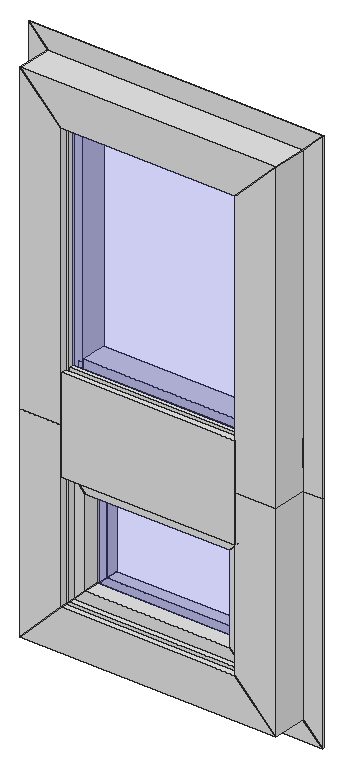
Revit family "511_AWN_U_nailfin", category Windows, host Wall, Revit 2016
Family settings
  Host = Wall
  OmniClass Number = 23.30.20.00
  OmniClass Title = Windows
  Always vertical = Yes
  Cut with Voids When Loaded = No
  Shared = No
  Room Calculation Point = No
Parameters (values of type "15x30")
  Rough Width = 6"
  Rough Height = 6"
  MLW = 1 / 8 * Width  # 1 7/8"
  MLH2 = 3 5/8"
  MLH1 = 3 1/4"
  Interior Color [instance] = White
  Height = 30"
  Exterior Color [instance] = White
  Default Sill Height = 31.49606"
  Wall Closure = By host
  Width = 15"
  Bar set = 12"
Types (49): name | MLW | Interior Color | Height | Exterior Color | Width | Bar set
  (no name) | 1 7/8" | White | 30" | White | 15" | 12"
  24x36 | 3" | none | 36" | none | 24" | 12"
  15x24Min | 1 7/8" | none | 24" | none | 15" | 12"
  48x120Max | 6" | none | 120" | none | 48" | 32"
  36x72 | 4 1/2" | none | 72" | none | 36" | 32"
  48x96 | 6" | none | 96" | none | 48" | 32"
  15x30 | 1 7/8" | White | 30" | White | 15" | 12"
  15x36 | 1 7/8" | none | 36" | none | 15" | 18"
  24x24 | 3" | none | 24" | none | 24" | 12"
  24x30 | 3" | none | 30" | none | 24" | 12"
  24x42 | 3" | none | 36" | none | 24" | 18"
  24x48 | 3" | none | 48" | none | 24" | 18"
  24x54 | 3" | none | 54" | none | 24" | 18"
  30x24 | 3 3/4" | none | 24" | none | 30" | 12"
  30x30 | 3 3/4" | none | 30" | none | 30" | 12"
  30x36 | 3 3/4" | none | 36" | none | 30" | 18"
  30x42 | 3 3/4" | none | 42" | none | 30" | 18"
  30x48 | 3 3/4" | none | 48" | none | 30" | 18"
  30x54 | 3 3/4" | none | 54" | none | 30" | 24"
  30x60 | 3 3/4" | none | 60" | none | 30" | 24"
  36x30 | 4 1/2" | none | 30" | none | 36" | 12"
  36x36 | 4 1/2" | none | 36" | none | 36" | 18"
  36x42 | 4 1/2" | none | 42" | none | 36" | 18"
  36x48 | 4 1/2" | none | 48" | none | 36" | 18"
  36x54 | 4 1/2" | none | 54" | none | 36" | 18"
  36x60 | 4 1/2" | none | 60" | none | 36" | 24"
  36x66 | 4 1/2" | none | 66" | none | 36" | 24"
  42x36 | 5 1/4" | none | 36" | none | 42" | 18"
  42x42 | 5 1/4" | none | 42" | none | 42" | 18"
  42x48 | 5 1/4" | none | 48" | none | 42" | 24"
  42x54 | 5 1/4" | none | 54" | none | 42" | 24"
  42x60 | 5 1/4" | none | 60" | none | 42" | 30"
  42x66 | 5 1/4" | none | 66" | none | 42" | 30"
  42x72 | 5 1/4" | none | 72" | none | 42" | 32"
  42x78 | 5 1/4" | none | 78" | none | 42" | 32"
  48x36 | 6" | none | 36" | none | 48" | 18"
  48x42 | 6" | none | 42" | none | 48" | 18"
  48x48 | 6" | none | 48" | none | 48" | 24"
  48x54 | 6" | none | 54" | none | 48" | 24"
  48x60 | 6" | none | 60" | none | 48" | 30"
  48x66 | 6" | none | 66" | none | 48" | 30"
  48x72 | 6" | none | 72" | none | 48" | 32"
  48x78 | 6" | none | 78" | none | 48" | 32"
  48x84 | 6" | none | 84" | none | 48" | 32"
  48x90 | 6" | none | 90" | none | 48" | 32"
  48x102 | 6" | none | 102" | none | 48" | 32"
  48x108 | 6" | none | 108" | none | 48" | 32"
  42x84 | 5 1/4" | none | 84" | none | 42" | 32"
  42x90 | 5 1/4" | none | 90" | none | 42" | 32"
Reference planes (in)
  plane 1 "Center (Front/Back)": y = 0
  plane 2 "Center (Left/Right)": x = 0
  plane 3 "Left": x = -7.5
  plane 4 "Right": x = 7.5
  plane 5 "Sill": z = 31.49606
  plane 6 "Head": z = 61.49606
  plane 7 "Exterior": y = 3.93701
  plane 8 "Interior": y = -3.93701
  plane 9 "Front of wall": y = 3.93701
  plane 10 "Bar set": z = 43.49606
  plane 11: x = -5.438
  plane 12: x = 5.438
  plane 13: x = -4.7505
  plane 14: x = 4.7505
  plane 15: z = 34.24456
  plane 16: z = 45.93206
  plane 17: z = 59.43406
  plane 18: z = 40.37156
  plane 19 "MLL": x = 4.2505
  plane 20 "MLR": x = -4.2505
  plane 21 "Front of glass": y = 4.21901
Forms (in)
  Extrusion 1, solid, material "White" <- "Interior Color"
    sketch origin (0, 0, 61.49606) x (0, -1, 0) y (1, 0, 0)
      loop
        line (-4.78995, -4.93465) -> (-4.78995, -6.8479) -> (-5.38701, -6.93181) -> (-5.38701, -7.52) -> (-5.26201, -7.52) -> (-5.26201, -7.48) -> (-5.10865, -7.48) -> (-5.07401, -7.5) -> (-4.01201, -7.5) -> (-4.01201, -8.625) -> (-3.93701, -8.625) -> (-3.93701, -7.5) -> (-1.88701, -7.5) -> (-1.88701, -5.125) -> (-2.26201, -5.125) -> (-2.26201, -4.938) -> (-2.51251, -4.938) -> (-2.51251, -5.438) -> (-3.25701, -5.438) -> (-3.25701, -4.93465) -> (-4.78995, -4.93465)
    from 1.125 to -18
  Extrusion 2, solid, material "White" <- "Interior Color"
    sketch origin (0, 0, 61.49606) x (0, -1, 0) y (1, 0, 0)
      loop
        line (-5.38701, 6.93181) -> (-4.78995, 6.8479) -> (-4.78995, 4.93465) -> (-3.25701, 4.93465) -> (-3.25701, 5.438) -> (-2.51251, 5.438) -> (-2.51251, 4.938) -> (-2.26201, 4.938) -> (-2.26201, 5.125) -> (-1.88701, 5.125) -> (-1.88701, 7.5) -> (-3.93701, 7.5) -> (-3.93701, 8.625) -> (-4.01201, 8.625) -> (-4.01201, 7.5) -> (-5.07401, 7.5) -> (-5.10257, 7.48) -> (-5.26201, 7.48) -> (-5.26201, 7.52) -> (-5.38701, 7.52) -> (-5.38701, 6.93181)
    from 1.125 to -18
  Extrusion 3, solid, material "White" <- "Interior Color"
    sketch origin (0, 0, 31.49606) x (0, -1, 0) y (1, 0, 0)
      loop
        line (-5.03701, -4.8755) -> (-5.03701, -6.88262) -> (-5.38701, -6.93181) -> (-5.38701, -7.52) -> (-5.26201, -7.52) -> (-5.26201, -7.48) -> (-5.10865, -7.48) -> (-5.07401, -7.5) -> (-4.01201, -7.5) -> (-4.01201, -8.625) -> (-3.93701, -8.625) -> (-3.93701, -7.5) -> (-1.88701, -7.5) -> (-1.88701, -5.125) -> (-2.26201, -5.125) -> (-2.26201, -4.937) -> (-2.58701, -4.937) -> (-2.58701, -4.2505) -> (-3.47451, -4.2505) -> (-3.47451, -4.7505) -> (-4.21901, -4.7505) -> (-4.21901, -4.2882) -> (-4.25701, -4.3125) -> (-4.99701, -4.3125) -> (-4.99701, -4.8755) -> (-5.03701, -4.8755)
    from -1.125 to 12
  Extrusion 4, solid, material "White" <- "Interior Color"
    sketch origin (0, 0, 31.49606) x (0, -1, 0) y (1, 0, 0)
      loop
        line (-5.07401, 7.5) -> (-5.10865, 7.48) -> (-5.26201, 7.48) -> (-5.26201, 7.52) -> (-5.38701, 7.52) -> (-5.38701, 6.93181) -> (-5.03701, 6.88262) -> (-5.03701, 4.8755) -> (-4.99701, 4.8755) -> (-4.99701, 4.3125) -> (-4.25701, 4.3125) -> (-4.21901, 4.2882) -> (-4.21901, 4.7505) -> (-3.47451, 4.7505) -> (-3.47451, 4.2505) -> (-2.58701, 4.2505) -> (-2.58701, 4.937) -> (-2.26201, 4.937) -> (-2.26201, 5.125) -> (-1.88701, 5.125) -> (-1.88701, 7.5) -> (-3.93701, 7.5) -> (-3.93701, 8.625) -> (-4.01201, 8.625) -> (-4.01201, 7.5) -> (-5.07401, 7.5)
    from -1.125 to 12
  Extrusion 5, solid, material "White" <- "Interior Color"
    sketch origin (0, 0, 0) x (0, -1, 0) y (0, 0, 1)
      loop
        line (-3.47451, 34.74556) -> (-3.47451, 34.24456) -> (-4.21901, 34.24456) -> (-4.21901, 34.70786) -> (-4.25701, 34.68356) -> (-4.99701, 34.68356) -> (-4.99701, 34.12056) -> (-5.03701, 34.12056) -> (-5.03701, 32.11344) -> (-5.38701, 32.06425) -> (-5.38701, 31.47606) -> (-5.26201, 31.47606) -> (-5.26201, 31.51606) -> (-5.10865, 31.51606) -> (-5.07401, 31.49606) -> (-4.01201, 31.49606) -> (-4.01201, 30.37106) -> (-3.93701, 30.37106) -> (-3.93701, 31.49606) -> (-1.88701, 31.49606) -> (-1.88701, 33.87106) -> (-2.26201, 33.87106) -> (-2.26201, 34.05906) -> (-2.58701, 34.05906) -> (-2.58701, 34.74556) -> (-3.47451, 34.74556)
    from -8.625 to 8.625
  Extrusion 6, solid, material "White" <- "Interior Color"
    sketch origin (0, 0, 0) x (0, -1, 0) y (0, 0, 1)
      loop
        line (-1.88701, 46.24606) -> (-2.26201, 46.24606) -> (-2.26201, 46.43306) -> (-2.51251, 46.43306) -> (-2.51251, 45.93206) -> (-3.25701, 45.93206) -> (-3.25701, 46.43628) -> (-4.78988, 46.43628) -> (-4.78988, 44.52317) -> (-5.38701, 44.43925) -> (-5.38701, 42.55287) -> (-5.03701, 42.50368) -> (-5.03701, 40.49656) -> (-4.99698, 40.49656) -> (-4.99698, 39.93351) -> (-4.25697, 39.93351) -> (-4.21901, 39.90924) -> (-4.21901, 40.37156) -> (-3.47451, 40.37156) -> (-3.47451, 39.87156) -> (-2.58701, 39.87156) -> (-2.58701, 40.55806) -> (-2.26201, 40.55806) -> (-2.26201, 40.74606) -> (-1.88701, 40.74606) -> (-1.88701, 46.24606)
    from -7.5 to 7.5
  Extrusion 7, solid, material "White" <- "Interior Color"
    sketch origin (0, 0, 0) x (0, -1, 0) y (0, 0, 1)
      loop
        line (-1.88701, 61.49606) -> (-3.93701, 61.49606) -> (-3.93701, 62.62106) -> (-4.01201, 62.62106) -> (-4.01201, 61.49606) -> (-5.07401, 61.49606) -> (-5.10257, 61.47606) -> (-5.26201, 61.47606) -> (-5.26201, 61.51606) -> (-5.38701, 61.51606) -> (-5.38701, 60.92787) -> (-4.78995, 60.84396) -> (-4.78995, 58.93071) -> (-3.25701, 58.93071) -> (-3.25701, 59.43406) -> (-2.51251, 59.43406) -> (-2.51251, 58.93406) -> (-2.26201, 58.93406) -> (-2.26201, 59.12106) -> (-1.88701, 59.12106) -> (-1.88701, 61.49606)
    from -8.625 to 8.625
  Sweep 8, void
    path in 3D
      loop
        line (5.89417, 9.63731, 61.49606) -> (5.89417, 3.93701, 61.49606)
    profile origin (5.89417, 6.78716, 61.49606) x (1, 0, 0) y (0, 0, 1)
      loop
        line (2.97641, 1.37058) -> (-1.14367, 1.37058) -> (-1.14367, -2.56535) -> (0.95373, -2.56535) -> (0.95373, -0.6521) -> (2.97641, 1.37058)
  Sweep 9, void
    path in 3D
      loop
        line (5.89417, 9.63731, 61.49606) -> (5.89417, 3.93701, 61.49606)
    profile origin (5.89417, 6.78716, 61.49606) x (1, 0, 0) y (0, 0, 1)
      loop
        line (2.95373, 1.3479) -> (0.95373, -0.6521) -> (0.95373, -2.9021) -> (2.95373, -2.9021) -> (2.95373, 1.3479)
  Sweep 10, void
    path in 3D
      loop
        line (-4.06452, 8.68715, 61.49606) -> (-4.06452, 3.93701, 61.49606)
    profile origin (-4.06452, 6.31208, 61.49606) x (1, 0, 0) y (0, 0, 1)
      loop
        line (-4.75933, 1.32385) -> (-2.78338, -0.6521) -> (-2.78338, -2.56535) -> (-0.53338, -2.56535) -> (-0.53338, 1.32385) -> (-4.75933, 1.32385)
  Sweep 11, void
    path in 3D
      loop
        line (-4.06452, 8.68715, 61.49606) -> (-4.06452, 3.93701, 61.49606)
    profile origin (-4.06452, 6.31208, 61.49606) x (1, 0, 0) y (0, 0, 1)
      loop
        line (-4.78338, 1.3479) -> (-4.78338, -3.00936) -> (-2.78338, -3.00936) -> (-2.78338, -0.6521) -> (-4.78338, 1.3479)
  Sweep 12, void
    path in 3D
      loop
        line (-3.76052, 8.55035, 43.49606) -> (-3.76052, 3.93701, 43.49606)
    profile origin (-3.76052, 6.24368, 43.49606) x (1, 0, 0) y (0, 0, 1)
      loop
        line (0.13587, -4.25035) -> (-3.17129, -0.94319) -> (-3.17129, 2.99965) -> (-5.92129, 2.99965) -> (-5.92129, -4.25035) -> (0.13587, -4.25035)
  Sweep 13, void
    path in 3D
      loop
        line (-3.76052, 8.55035, 43.49606) -> (-3.76052, 3.93701, 43.49606)
    profile origin (-3.76052, 6.24368, 43.49606) x (1, 0, 0) y (0, 0, 1)
      loop
        line (0, 2.94021) -> (-3.08738, 2.94021) -> (-3.08738, 0.94319) -> (-3.17129, 0.94319) -> (-3.17129, -0.94319) -> (0, -4.11448) -> (0, 2.94021)
  Sweep 14, void
    path in 3D
      loop
        line (6.21581, 9.25537, 43.49606) -> (6.21581, 3.93701, 43.49606)
    profile origin (6.21581, 6.59619, 43.49606) x (1, 0, 0) y (0, 0, 1)
      loop
        line (-2.46598, 2.94021) -> (-2.46598, -4.12517) -> (0.716, -0.94319) -> (0.716, 0.94319) -> (0.63209, 0.94319) -> (0.63209, 2.94021) -> (-2.46598, 2.94021)
  Sweep 15, void
    path in 3D
      loop
        line (6.21581, 9.25537, 43.49606) -> (6.21581, 3.93701, 43.49606)
    profile origin (6.21581, 6.59619, 43.49606) x (1, 0, 0) y (0, 0, 1)
      loop
        line (-2.284, -3.94319) -> (2.966, -3.94319) -> (2.966, 1.30681) -> (0.716, 1.30681) -> (0.716, -0.94319) -> (-2.284, -3.94319)
  Sweep 16, void
    path in 3D
      loop
        line (6.71581, 9.25537, 31.49606) -> (6.71581, 3.93701, 31.49606)
    profile origin (6.71581, 6.59619, 31.49606) x (1, 0, 0) y (0, 0, 1)
      loop
        line (-3.26556, 4.04975) -> (-3.26556, -1.70025) -> (2.48444, -1.70025) -> (-3.26556, 4.04975)
  Sweep 17, void
    path in 3D
      loop
        line (6.71581, 9.25537, 31.49606) -> (6.71581, 3.93701, 31.49606)
    profile origin (6.71581, 6.59619, 31.49606) x (1, 0, 0) y (0, 0, 1)
      loop
        line (2.52435, -1.74016) -> (2.52435, 4.375) -> (-3.59081, 4.375) -> (2.52435, -1.74016)
  Sweep 18, void
    path in 3D
      loop
        line (-3.27411, 8.41355, 31.49606) -> (-3.27411, 3.93701, 31.49606)
    profile origin (-3.27411, 6.17528, 31.49606) x (1, 0, 0) y (0, 0, 1)
      loop
        line (-6.5, -2.27411) -> (0, -2.27411) -> (0, 4.22589) -> (-6.5, -2.27411)
  Sweep 19, void
    path in 3D
      loop
        line (-3.27411, 8.41355, 31.49606) -> (-3.27411, 3.93701, 31.49606)
    profile origin (-3.27411, 6.17528, 31.49606) x (1, 0, 0) y (0, 0, 1)
      loop
        line (-6.22437, -1.99848) -> (-0.22437, 4.00152) -> (-6.22437, 4.00152) -> (-6.22437, -1.99848)
  Extrusion 20, void
    sketch origin (0, 3.93701, 0) x (1, 0, 0) y (0, 0, 1)
      loop
        line (-9.24016, 63.23622) -> (-9.24016, 58.49086) -> (-4.4948, 58.49086) -> (-9.24016, 63.23622)
    from 0 to 12
  Extrusion 21, void
    sketch origin (0, 3.93701, 0) x (1, 0, 0) y (0, 0, 1)
      loop
        line (-9, 62.99606) -> (-4.31802, 58.31408) -> (-4.31802, 62.99606) -> (-9, 62.99606)
    from 0 to 12
  Extrusion 22, void
    sketch origin (0, 3.93701, 0) x (1, 0, 0) y (0, 0, 1)
      loop
        line (10.61687, 64.61294) -> (4.37217, 64.61294) -> (4.37217, 58.36823) -> (10.61687, 64.61294)
    from 0 to 12
  Extrusion 23, void
    sketch origin (0, 3.93701, 0) x (1, 0, 0) y (0, 0, 1)
      loop
        line (10.37633, 64.3724) -> (4.31802, 58.31408) -> (10.37633, 58.31408) -> (10.37633, 64.3724)
    from 0 to 12
  Extrusion 24, void
    sketch origin (0, 3.93701, 0) x (1, 0, 0) y (0, 0, 1)
      loop
        line (3.42851, 39.04957) -> (7.938, 39.04957) -> (7.938, 46.79542) -> (4.938, 46.79542) -> (4.938, 46.24606) -> (5.125, 46.24606) -> (5.125, 40.74606) -> (4.937, 40.74606) -> (4.937, 40.55806) -> (3.42851, 39.04957)
    from 0 to 12
  Extrusion 25, void
    sketch origin (0, 3.93701, 0) x (1, 0, 0) y (0, 0, 1)
      loop
        line (3.937, 39.55806) -> (4.937, 40.55806) -> (4.937, 41.55806) -> (3.937, 41.55806) -> (3.937, 39.55806)
    from 0 to 12
  Extrusion 26, void
    sketch origin (0, 3.93701, 0) x (1, 0, 0) y (0, 0, 1)
      loop
        line (-3.7587, 39.37976) -> (-4.937, 40.55806) -> (-4.937, 40.74606) -> (-5.125, 40.74606) -> (-5.125, 46.24606) -> (-4.938, 46.24606) -> (-4.938, 46.79195) -> (-7.938, 46.79195) -> (-7.938, 39.37976) -> (-3.7587, 39.37976)
    from 0 to 12
  Extrusion 27, void
    sketch origin (0, 3.93701, 0) x (1, 0, 0) y (0, 0, 1)
      loop
        line (-3.937, 39.55806) -> (-3.937, 41.05806) -> (-4.937, 41.05806) -> (-4.937, 40.55806) -> (-3.937, 39.55806)
    from 0 to 12
  Extrusion 28, void
    sketch origin (0, 3.93701, 0) x (1, 0, 0) y (0, 0, 1)
      loop
        line (-3.88959, 35.10648) -> (-10.47049, 28.52557) -> (-3.88959, 28.52557) -> (-3.88959, 35.10648)
    from 0 to 12
  Extrusion 29, void
    sketch origin (0, 3.93701, 0) x (1, 0, 0) y (0, 0, 1)
      loop
        line (-9.49848, 29.49759) -> (-3.52572, 35.47035) -> (-9.49848, 35.47035) -> (-9.49848, 29.49759)
    from 0 to 12
  Extrusion 30, void
    sketch origin (0, 3.93701, 0) x (1, 0, 0) y (0, 0, 1)
      loop
        line (10.25, 28.74606) -> (3.50556, 35.4905) -> (3.50556, 28.74606) -> (10.25, 28.74606)
    from 0 to 12
  Extrusion 31, void
    sketch origin (0, 3.93701, 0) x (1, 0, 0) y (0, 0, 1)
      loop
        line (11.75984, 27.23622) -> (11.75984, 35.65521) -> (3.34085, 35.65521) -> (11.75984, 27.23622)
    from 0 to 12
  Extrusion 32, solid, material "Glass"
    sketch origin (0, 0, 0) x (0, -1, 0) y (0, 0, 1)
      loop
        line (-3.25701, 59.43406) -> (-3.25701, 45.93206) -> (-2.51251, 45.93206) -> (-2.51251, 59.43406) -> (-3.25701, 59.43406)
    from -5.438 to 5.438
  Extrusion 33, solid, material "Glass"
    sketch origin (0, 0, 0) x (0, -1, 0) y (0, 0, 1)
      loop
        line (-4.21901, 40.37156) -> (-4.21901, 34.24456) -> (-3.47451, 34.24456) -> (-3.47451, 40.37156) -> (-4.21901, 40.37156)
    from -4.7505 to 4.7505
Cuts and joins
  Sweep 8, Sweep 14, Extrusion 22 cuts Extrusion 2
  Sweep 9, Sweep 11, Extrusion 20, Extrusion 23 cuts Extrusion 7
  Sweep 10, Sweep 13, Extrusion 21 cuts Extrusion 1
  Sweep 12, Sweep 15, Extrusion 24, Extrusion 26 cuts Extrusion 6
  Sweep 13, Sweep 18, Extrusion 27, Extrusion 28 cuts Extrusion 3
  Sweep 14, Sweep 16, Extrusion 25, Extrusion 30 cuts Extrusion 4
  Sweep 17, Sweep 19, Extrusion 29, Extrusion 31 cuts Extrusion 5
Lines and regions (in)
  Opening 1
    outline origin (137.79528, -3.93701, 0) x (1, 0, 0) y (0, 0, 1)
      loop
        line (-130.29528, 31.49606) -> (-130.29528, 61.49606) -> (-145.29528, 61.49606) -> (-145.29528, 31.49606) -> (-130.29528, 31.49606)
  reference lines
    curve 1: line (-4.06452, 8.68715, 61.49606) -> (-4.06452, 3.93701, 61.49606)
    curve 2: line (-3.76052, 8.55035, 43.49606) -> (-3.76052, 3.93701, 43.49606)
    curve 3: line (-3.27411, 8.41355, 31.49606) -> (-3.27411, 3.93701, 31.49606)
    curve 4: line (5.89417, 9.63731, 61.49606) -> (5.89417, 3.93701, 61.49606)
    curve 5: line (6.21581, 9.25537, 43.49606) -> (6.21581, 3.93701, 43.49606)
    curve 6: line (6.71581, 9.25537, 31.49606) -> (6.71581, 3.93701, 31.49606)
    curve 19: line (4.2505, 4.21901, 34.74606) -> (0, 4.21901, 39.87106)
    curve 20: line (0, 4.21901, 39.87106) -> (-4.2505, 4.21901, 34.74606)
    curve 25: line (2.5, 0, 54.99606) -> (-2.5, 0, 54.99606)
    curve 26: line (2.5, 0, 49.99606) -> (2.5, 0, 54.99606)
    curve 27: line (-2.5, 0, 49.99606) -> (2.5, 0, 49.99606)
    curve 28: line (-2.5, 0, 54.99606) -> (-2.5, 0, 49.99606)
    curve 29: line (0, 0, 49.99606) -> (0, 0, 57.49606)
    curve 30: line (2.5, 0, 52.49606) -> (-6.5, 0, 52.49606)
    curve 34: line (2.5, 4.21901, 54.99606) -> (-2.5, 4.21901, 54.99606)
    curve 35: line (2.5, 4.21901, 49.99606) -> (2.5, 4.21901, 54.99606)
    curve 36: line (-2.5, 4.21901, 49.99606) -> (2.5, 4.21901, 49.99606)
    curve 37: line (-2.5, 4.21901, 54.99606) -> (-2.5, 4.21901, 49.99606)
    curve 38: line (0, 4.21901, 49.99606) -> (0, 4.21901, 59.49606)
    curve 39: line (2.5, 4.21901, 52.49606) -> (-5, 4.21901, 52.49606)
  sketch lines
    curve 7: line (5.89417, 9.63731, 61.49606) -> (5.89417, 3.93701, 61.49606)
    curve 8: line (5.89417, 9.63731, 61.49606) -> (5.89417, 3.93701, 61.49606)
    curve 9: line (-4.06452, 8.68715, 61.49606) -> (-4.06452, 3.93701, 61.49606)
    curve 10: line (-4.06452, 8.68715, 61.49606) -> (-4.06452, 3.93701, 61.49606)
    curve 11: line (-3.76052, 8.55035, 43.49606) -> (-3.76052, 3.93701, 43.49606)
    curve 12: line (-3.76052, 8.55035, 43.49606) -> (-3.76052, 3.93701, 43.49606)
    curve 13: line (6.21581, 9.25537, 43.49606) -> (6.21581, 3.93701, 43.49606)
    curve 14: line (6.21581, 9.25537, 43.49606) -> (6.21581, 3.93701, 43.49606)
    curve 15: line (6.71581, 9.25537, 31.49606) -> (6.71581, 3.93701, 31.49606)
    curve 16: line (6.71581, 9.25537, 31.49606) -> (6.71581, 3.93701, 31.49606)
    curve 17: line (-3.27411, 8.41355, 31.49606) -> (-3.27411, 3.93701, 31.49606)
    curve 18: line (-3.27411, 8.41355, 31.49606) -> (-3.27411, 3.93701, 31.49606)
  model lines
    curve 21: line (0, 4.21901, 39.87106) -> (-4.2505, 4.21901, 34.74606)
    curve 22: line (0, 4.21901, 39.87106) -> (4.25128, 4.21901, 34.74512)
    curve 40: line (-2.5, 4.21901, 52.49606) -> (0, 4.21901, 54.99606)
    curve 41: line (-2.5, 4.21901, 49.99606) -> (2.5, 4.21901, 54.99606)
    curve 42: line (0, 4.21901, 49.99606) -> (2.5, 4.21901, 52.49606)
  symbolic lines
    curve 23: line (-4.2505, 0, 34.74606) -> (0, 0, 39.87106)
    curve 24: line (0, 0, 39.87106) -> (4.2505, 0, 34.74606)
    curve 31: line (0, 0, 49.99606) -> (2.5, 0, 52.49606)
    curve 32: line (0, 0, 54.99606) -> (-2.5, 0, 52.49606)
    curve 33: line (-2.5, 0, 49.99606) -> (2.5, 0, 54.99606)
Text (in)
  text "EXTERIOR" at (-77.29147, 52.45485, 0), in view "Ref. Level"
  text "INTERIOR" at (-78.01048, -32.21994, 0), in view "Ref. Level"
  text "Exterior" at (0, 36.36817, 115.8778), in view "Right"
  text "Exterior" at (0, 40.96394, 105.72475), in view "Left"
Dimensions and locks (in)
  equal spacing: plane 3 "Left", plane 2 "Center (Left/Right)", plane 4 "Right"
  "Width": plane 3 "Left" to plane 4 "Right"
  "Height": plane 5 "Sill" to plane 6 "Head"
  "Default Sill Height": plane 5 "Sill" to level
  locked: plane 7 "Exterior" to host wall at 0
  locked: plane 8 "Interior" to host wall
  "Bar set": plane 10 "Bar set" to plane 5 "Sill"
  locked: plane 3 "Left" to plane 11 at 2.062
  locked: plane 12 to plane 4 "Right" at 2.062
  locked: Extrusion 1 sketch curve to plane 3 "Left" at 1.125
  locked: plane 9 "Front of wall" to Extrusion 1 sketch curve at 2.05
  locked: Extrusion 1 sketch curve to Extrusion 1 sketch curve at 2.375
  locked: plane 4 "Right" to Extrusion 2 sketch curve at 1.125
  locked: Extrusion 2 sketch curve to plane 9 "Front of wall" at 2.05
  locked: Extrusion 2 sketch curve to Extrusion 2 sketch curve at 2.375
  locked: plane 14 to plane 4 "Right" at 2.7495
  locked: plane 3 "Left" to plane 13 at 2.7495
  locked: plane 9 "Front of wall" to Extrusion 3 sketch curve at 2.05
  locked: Extrusion 3 sketch curve to plane 3 "Left" at 1.125
  locked: Extrusion 3 sketch curve to Extrusion 3 sketch curve at 2.375
  locked: Extrusion 4 sketch curve to plane 9 "Front of wall" at 2.05
  locked: plane 4 "Right" to Extrusion 4 sketch curve at 1.125
  locked: Extrusion 4 sketch curve to Extrusion 4 sketch curve at 2.375
  locked: plane 17 to plane 6 "Head" at 2.062
  locked: plane 16 to plane 10 "Bar set" at 2.436
  locked: plane 5 "Sill" to plane 15 at 2.7485
  locked: Extrusion 5 sketch curve to plane 5 "Sill" at 1.125
  locked: plane 9 "Front of wall" to Extrusion 5 sketch curve at 2.05
  locked: Extrusion 5 sketch curve to Extrusion 5 sketch curve at 2.375
  locked: Extrusion 6 sketch curve to plane 10 "Bar set" at 0.94319
  locked: plane 10 "Bar set" to Extrusion 6 sketch curve at 0.94319
  locked: Extrusion 6 sketch curve to plane 10 "Bar set" at 2.75
  locked: plane 10 "Bar set" to Extrusion 6 sketch curve at 2.75
  locked: plane 9 "Front of wall" to Extrusion 6 sketch curve at 2.05
  locked: plane 9 "Front of wall" to Extrusion 7 sketch curve at 2.05
  locked: Extrusion 7 sketch curve to Extrusion 7 sketch curve at 2.375
  locked: plane 6 "Head" to Extrusion 7 sketch curve at 1.125
  locked: plane 18 to plane 10 "Bar set" at 3.1245
  locked: plane 19 "MLL" to plane 4 "Right" at 3.2495
  locked: plane 3 "Left" to plane 20 "MLR" at 3.2495
  "MLH1": plane 5 "Sill" to curve 20
  "MLH1": plane 5 "Sill" to curve 19
  "MLH2": curve 20 to plane 10 "Bar set"
  host wall to host wall = 157.48031"
  locked: plane 9 "Front of wall" to plane 21 "Front of glass" at 0.282
  "MLH2": curve 19 to plane 10 "Bar set"
  plane 10 "Bar set" to plane 6 "Head" = 18"
  locked: curve 26 to curve 28 at 5
  locked: curve 27 to curve 25 at 5
  equal spacing: curve 28, curve 29, curve 26
  equal spacing: curve 27, curve 30, curve 25
  equal spacing: plane 3 "Left", curve 29, plane 4 "Right"
  equal spacing: plane 6 "Head", curve 30, plane 10 "Bar set"
  locked: curve 28 to curve 32 at 2.5
  locked: curve 28 to curve 31 at 2.5
  locked: curve 31 to curve 27 at 2.5
  locked: curve 32 to curve 27 at 2.5
  locked: curve 35 to curve 37 at 5
  locked: curve 36 to curve 34 at 5
  equal spacing: curve 37, curve 38, curve 35
  equal spacing: curve 36, curve 39, curve 34
  equal spacing: plane 10 "Bar set", curve 39, plane 6 "Head"
  equal spacing: plane 3 "Left", curve 38, plane 4 "Right"
  aligned and locked: plane 9 "Front of wall" to host wall
  aligned and locked: Extrusion 1 sketch curve to plane 9 "Front of wall"
  aligned and locked: plane 11 to Extrusion 1 sketch curve
  aligned and locked: Extrusion 1 sketch curve to plane 3 "Left"  (x2)
  aligned and locked: plane 12 to Extrusion 2 sketch curve
  aligned and locked: Extrusion 2 sketch curve to plane 4 "Right"  (x2)
  aligned and locked: plane 9 "Front of wall" to Extrusion 2 sketch curve
  aligned and locked: Extrusion 3 sketch curve to plane 9 "Front of wall"
  aligned and locked: Extrusion 3 sketch curve to plane 3 "Left"  (x2)
  aligned and locked: plane 13 to Extrusion 3 sketch curve
  aligned and locked: plane 14 to Extrusion 4 sketch curve
  aligned and locked: Extrusion 4 sketch curve to plane 4 "Right"  (x2)
  aligned and locked: plane 9 "Front of wall" to Extrusion 4 sketch curve
  aligned and locked: plane 15 to Extrusion 5 sketch curve
  aligned and locked: Extrusion 5 sketch curve to plane 5 "Sill"  (x2)
  aligned and locked: Extrusion 5 sketch curve to plane 9 "Front of wall"
  aligned and locked: plane 16 to Extrusion 6 sketch curve
  aligned and locked: Extrusion 7 sketch curve to plane 6 "Head"  (x2)
  aligned and locked: plane 9 "Front of wall" to Extrusion 7 sketch curve
  aligned and locked: plane 17 to Extrusion 7 sketch curve
  aligned and locked: Extrusion 4 to Extrusion 5  (x2)
  aligned and locked: Extrusion 5 to Extrusion 3  (x2)
  aligned and locked: plane 10 "Bar set" to Extrusion 3
  aligned and locked: plane 10 "Bar set" to Extrusion 4
  aligned and locked: Extrusion 6 to plane 4 "Right"
  aligned and locked: plane 3 "Left" to Extrusion 6
  aligned and locked: Extrusion 2 to plane 10 "Bar set"
  aligned and locked: Extrusion 1 to plane 10 "Bar set"
  aligned and locked: Extrusion 7 to Extrusion 1
  aligned and locked: Extrusion 7 to Extrusion 2
  aligned and locked: Extrusion 1 to Extrusion 7
  aligned and locked: Extrusion 2 to Extrusion 7
  aligned and locked: plane 9 "Front of wall" to curve 6
  aligned and locked: plane 9 "Front of wall" to curve 5
  aligned and locked: plane 9 "Front of wall" to curve 4
  aligned and locked: plane 9 "Front of wall" to curve 3
  aligned and locked: plane 9 "Front of wall" to curve 2
  aligned and locked: plane 9 "Front of wall" to curve 1
  aligned and locked: Extrusion 32 sketch curve to plane 16
  aligned and locked: Extrusion 32 sketch curve to plane 17
  aligned and locked: Extrusion 33 sketch curve to plane 15
  aligned and locked: Extrusion 33 sketch curve to plane 18
  aligned and locked: Extrusion 6 sketch curve to plane 18
  aligned and locked: plane 11 to Extrusion 32
  aligned and locked: Extrusion 32 to plane 12
  aligned and locked: plane 13 to Extrusion 33
  aligned and locked: Extrusion 33 to plane 14
  aligned and locked: plane 2 "Center (Left/Right)" to curve 20
  aligned and locked: plane 19 "MLL" to curve 19
  aligned and locked: plane 20 "MLR" to curve 20
  aligned and locked: curve 22 to curve 19
  aligned and locked: curve 20 to curve 21
  aligned and locked: plane 2 "Center (Left/Right)" to curve 19
  aligned and locked: curve 22 to curve 24
  aligned and locked: curve 23 to curve 21
  aligned and locked: curve 25 to curve 28
  aligned and locked: curve 28 to curve 28
  aligned and locked: curve 26 to curve 26
  aligned and locked: curve 28 to curve 32
  aligned and locked: curve 27 to curve 31
  aligned and locked: curve 26 to curve 31
  aligned and locked: curve 25 to curve 32
  aligned and locked: curve 26 to curve 33
  aligned and locked: curve 33 to curve 27
  aligned and locked: curve 34 to curve 37
  aligned and locked: curve 37 to curve 37
  aligned and locked: curve 35 to curve 35
  aligned and locked: curve 37 to curve 40
  aligned and locked: curve 34 to curve 40
  aligned and locked: curve 41 to curve 34
  aligned and locked: curve 41 to curve 36
  aligned and locked: curve 36 to curve 42
  aligned and locked: curve 35 to curve 42
Automatic sketch dimensions
  Opening 1 sketch curve to plane 3 "Left" = 0"
  Opening 1 sketch curve to plane 4 "Right" = 0"
  Opening 1 sketch curve to plane 5 "Sill" = 0"
  Opening 1 sketch curve to plane 6 "Head" = 0"
  host wall to Extrusion 1 sketch curve = 0.85294"
  Extrusion 1 sketch curve to host wall = 0.68"
  Extrusion 1 sketch curve to plane 3 "Left" = 0.6521"
  Extrusion 1 sketch curve to plane 3 "Left" = 0.56819"
  Extrusion 1 sketch curve to Extrusion 1 sketch curve = 0.59706"
  plane 3 "Left" to Extrusion 1 sketch curve = 0.02"
  Extrusion 1 sketch curve to Extrusion 1 sketch curve = 1/8"
  Extrusion 1 sketch curve to plane 3 "Left" = 0.02"
  Extrusion 1 sketch curve to Extrusion 1 sketch curve = 0.15336"
  Extrusion 1 sketch curve to Extrusion 1 sketch curve = 0.03464"
  host wall to Extrusion 1 sketch curve = 0.075"
  Extrusion 1 sketch curve to Extrusion 1 sketch curve = 0.2505"
  Extrusion 1 sketch curve to Extrusion 1 sketch curve = 0.187"
  host wall to Extrusion 2 sketch curve = 0.85294"
  plane 4 "Right" to Extrusion 2 sketch curve = 0.6521"
  plane 4 "Right" to Extrusion 2 sketch curve = 0.02"
  Extrusion 2 sketch curve to Extrusion 2 sketch curve = 0.31262"
  Extrusion 2 sketch curve to Extrusion 2 sketch curve = 0.15944"
  plane 4 "Right" to Extrusion 2 sketch curve = 0.56819"
  Extrusion 2 sketch curve to Extrusion 2 sketch curve = 1/8"
  Extrusion 2 sketch curve to Extrusion 2 sketch curve = 0.02856"
  Extrusion 2 sketch curve to plane 4 "Right" = 0.02"
  host wall to Extrusion 2 sketch curve = 0.075"
  Extrusion 2 sketch curve to Extrusion 2 sketch curve = 3/8"
  Extrusion 2 sketch curve to Extrusion 2 sketch curve = 0.187"
  Extrusion 2 sketch curve to host wall = 0.68"
  Extrusion 2 sketch curve to Extrusion 2 sketch curve = 0.7445"
  plane 13 to Extrusion 3 sketch curve = 1/8"
  host wall to Extrusion 3 sketch curve = 1.06001"
  Extrusion 3 sketch curve to Extrusion 3 sketch curve = 0.03999"
  Extrusion 3 sketch curve to plane 13 = 0.438"
  host wall to Extrusion 3 sketch curve = 0.32"
  Extrusion 3 sketch curve to Extrusion 3 sketch curve = 0.0243"
  Extrusion 3 sketch curve to plane 3 "Left" = 0.61738"
  Extrusion 3 sketch curve to plane 3 "Left" = 0.56819"
  Extrusion 3 sketch curve to Extrusion 3 sketch curve = 0.35"
  plane 3 "Left" to Extrusion 3 sketch curve = 0.02"
  Extrusion 3 sketch curve to plane 3 "Left" = 0.02"
  Extrusion 3 sketch curve to Extrusion 3 sketch curve = 0.27836"
  Extrusion 3 sketch curve to Extrusion 3 sketch curve = 1/8"
  Extrusion 3 sketch curve to Extrusion 3 sketch curve = 0.03464"
  host wall to Extrusion 3 sketch curve = 0.075"
  Extrusion 3 sketch curve to Extrusion 3 sketch curve = 3/8"
  plane 13 to Extrusion 3 sketch curve = 0.1865"
  Extrusion 3 sketch curve to Extrusion 3 sketch curve = 0.325"
  host wall to Extrusion 3 sketch curve = 0.282"
  Extrusion 3 sketch curve to Extrusion 3 sketch curve = 0.7445"
  plane 4 "Right" to Extrusion 4 sketch curve = 0.02"
  host wall to Extrusion 4 sketch curve = 1.17164"
  host wall to Extrusion 4 sketch curve = 0.075"
  Extrusion 4 sketch curve to Extrusion 4 sketch curve = 0.03464"
  Extrusion 4 sketch curve to Extrusion 4 sketch curve = 0.15336"
  Extrusion 4 sketch curve to plane 4 "Right" = 0.02"
  Extrusion 4 sketch curve to Extrusion 4 sketch curve = 1/8"
  Extrusion 4 sketch curve to Extrusion 4 sketch curve = 0.54819"
  Extrusion 4 sketch curve to Extrusion 4 sketch curve = 0.35"
  Extrusion 4 sketch curve to Extrusion 4 sketch curve = 0.04919"
  Extrusion 4 sketch curve to plane 14 = 1/8"
  Extrusion 4 sketch curve to Extrusion 4 sketch curve = 0.03999"
  plane 14 to Extrusion 4 sketch curve = 0.438"
  host wall to Extrusion 4 sketch curve = 0.32"
  Extrusion 4 sketch curve to Extrusion 4 sketch curve = 0.038"
  Extrusion 4 sketch curve to Extrusion 4 sketch curve = 0.0243"
  Extrusion 4 sketch curve to Extrusion 4 sketch curve = 0.325"
  Extrusion 4 sketch curve to Extrusion 4 sketch curve = 3/8"
  Extrusion 4 sketch curve to plane 14 = 0.1865"
  host wall to Extrusion 5 sketch curve = 0.32"
  Extrusion 5 sketch curve to Extrusion 5 sketch curve = 0.74001"
  Extrusion 5 sketch curve to host wall = 0.4625"
  Extrusion 5 sketch curve to Extrusion 5 sketch curve = 0.0243"
  Extrusion 5 sketch curve to plane 15 = 0.439"
  Extrusion 5 sketch curve to Extrusion 5 sketch curve = 0.038"
  plane 15 to Extrusion 5 sketch curve = 0.1855"
  Extrusion 5 sketch curve to Extrusion 5 sketch curve = 0.325"
  Extrusion 5 sketch curve to Extrusion 5 sketch curve = 3/8"
  plane 15 to Extrusion 5 sketch curve = 0.124"
  Extrusion 5 sketch curve to Extrusion 5 sketch curve = 0.03999"
  Extrusion 5 sketch curve to plane 5 "Sill" = 0.61738"
  Extrusion 5 sketch curve to plane 5 "Sill" = 0.02"
  Extrusion 5 sketch curve to Extrusion 5 sketch curve = 0.07164"
  Extrusion 5 sketch curve to Extrusion 5 sketch curve = 0.03464"
  Extrusion 5 sketch curve to Extrusion 5 sketch curve = 0.15336"
  plane 5 "Sill" to Extrusion 5 sketch curve = 0.02"
  Extrusion 5 sketch curve to Extrusion 5 sketch curve = 1/8"
  Extrusion 5 sketch curve to Extrusion 5 sketch curve = 0.04919"
  Extrusion 5 sketch curve to Extrusion 5 sketch curve = 0.075"
  Extrusion 6 sketch curve to Extrusion 6 sketch curve = 3/8"
  Extrusion 6 sketch curve to Extrusion 6 sketch curve = 0.187"
  Extrusion 6 sketch curve to Extrusion 6 sketch curve = 0.2505"
  host wall to Extrusion 6 sketch curve = 0.85287"
  Extrusion 6 sketch curve to Extrusion 6 sketch curve = 0.59713"
  Extrusion 6 sketch curve to Extrusion 6 sketch curve = 0.08392"
  Extrusion 6 sketch curve to Extrusion 6 sketch curve = 0.35"
  Extrusion 6 sketch curve to Extrusion 6 sketch curve = 0.04919"
  Extrusion 6 sketch curve to Extrusion 6 sketch curve = 0.04003"
  host wall to Extrusion 6 sketch curve = 0.282"
  Extrusion 6 sketch curve to Extrusion 6 sketch curve = 0.03797"
  Extrusion 6 sketch curve to Extrusion 6 sketch curve = 0.02427"
  Extrusion 6 sketch curve to Extrusion 6 sketch curve = 0.8875"
  Extrusion 6 sketch curve to Extrusion 6 sketch curve = 0.325"
  Extrusion 6 sketch curve to Extrusion 6 sketch curve = 2.00712"
  Extrusion 6 sketch curve to Extrusion 6 sketch curve = 0.56305"
  plane 6 "Head" to Extrusion 7 sketch curve = 0.02"
  host wall to Extrusion 7 sketch curve = 1.16556"
  Extrusion 7 sketch curve to Extrusion 7 sketch curve = 0.02856"
  Extrusion 7 sketch curve to Extrusion 7 sketch curve = 0.15944"
  Extrusion 7 sketch curve to Extrusion 7 sketch curve = 0.7445"
  Extrusion 7 sketch curve to plane 6 "Head" = 0.02"
  Extrusion 7 sketch curve to Extrusion 7 sketch curve = 1/8"
  host wall to Extrusion 7 sketch curve = 0.075"
  Extrusion 7 sketch curve to Extrusion 7 sketch curve = 0.54819"
  Extrusion 7 sketch curve to Extrusion 7 sketch curve = 0.59706"
  Extrusion 7 sketch curve to Extrusion 7 sketch curve = 0.08391"
  Extrusion 7 sketch curve to Extrusion 7 sketch curve = 0.2505"
  Extrusion 7 sketch curve to Extrusion 7 sketch curve = 0.187"
  Extrusion 7 sketch curve to Extrusion 7 sketch curve = 3/8"
  curve 1 to plane 13 = 0.68598"
  host wall to curve 1 = 4.75015"
  curve 4 to plane 12 = 0.45617"
  host wall to curve 4 = 5.7003"
  curve 3 to plane 13 = 1.47639"
  host wall to curve 3 = 4.47654"
  plane 4 "Right" to curve 6 = 0.78419"
  host wall to curve 6 = 5.31836"
  curve 5 to plane 12 = 0.77781"
  curve 2 to plane 13 = 0.98998"
  host wall to curve 2 = 4.61334"
  host wall to curve 5 = 5.31836"
  profile plane to Sweep 8 sketch curve = 1.14367"
  Sweep 8 sketch curve to profile plane = 0.95373"
  Sweep 8 sketch curve to profile plane = 2.56535"
  Sweep 8 sketch curve to profile plane = 0.6521"
  Sweep 8 sketch curve to profile plane = 2.97641"
  profile plane to Sweep 8 sketch curve = 1.37058"
  Sweep 9 sketch curve to profile plane = 0.95373"
  Sweep 9 sketch curve to profile plane = 2.9021"
  Sweep 9 sketch curve to profile plane = 0.6521"
  Sweep 9 sketch curve to Sweep 9 sketch curve = 2"
  profile plane to Sweep 9 sketch curve = 1.3479"
  Sweep 10 sketch curve to profile plane = 0.6521"
  profile plane to Sweep 10 sketch curve = 2.78338"
  profile plane to Sweep 10 sketch curve = 0.53338"
  Sweep 10 sketch curve to profile plane = 2.56535"
  Sweep 10 sketch curve to Sweep 10 sketch curve = 1.97595"
  profile plane to Sweep 10 sketch curve = 1.32385"
  profile plane to Sweep 11 sketch curve = 2.78338"
  Sweep 11 sketch curve to profile plane = 3.00936"
  Sweep 11 sketch curve to profile plane = 0.6521"
  profile plane to Sweep 11 sketch curve = 1.3479"
  Sweep 11 sketch curve to Sweep 11 sketch curve = 2"
  profile plane to Sweep 12 sketch curve = 5.92129"
  Sweep 12 sketch curve to Sweep 12 sketch curve = 2 3/4"
  Sweep 12 sketch curve to profile plane = 0.94319"
  profile plane to Sweep 12 sketch curve = 2.99965"
  Sweep 12 sketch curve to profile plane = 0.13587"
  Sweep 12 sketch curve to profile plane = 4.25035"
  profile plane to Sweep 13 sketch curve = 0.94319"
  profile plane to Sweep 13 sketch curve = 3.08738"
  Sweep 13 sketch curve to profile plane = 0.94319"
  Sweep 13 sketch curve to Sweep 13 sketch curve = 0.08391"
  Sweep 13 sketch curve to Sweep 13 sketch curve = 1.99703"
  profile plane to Sweep 13 sketch curve = 0"
  Sweep 13 sketch curve to profile plane = 4.11448"
  Sweep 14 sketch curve to profile plane = 0.63209"
  Sweep 14 sketch curve to profile plane = 0.716"
  Sweep 14 sketch curve to profile plane = 0.94319"
  profile plane to Sweep 14 sketch curve = 0.94319"
  Sweep 14 sketch curve to Sweep 14 sketch curve = 1.99703"
  profile plane to Sweep 14 sketch curve = 2.46598"
  Sweep 14 sketch curve to profile plane = 4.12517"
  Sweep 15 sketch curve to profile plane = 0.716"
  Sweep 15 sketch curve to Sweep 15 sketch curve = 2 1/4"
  Sweep 15 sketch curve to profile plane = 0.94319"
  profile plane to Sweep 15 sketch curve = 1.30681"
  profile plane to Sweep 15 sketch curve = 2.284"
  Sweep 15 sketch curve to profile plane = 3.94319"
  Sweep 16 sketch curve to profile plane = 2.48444"
  Sweep 16 sketch curve to profile plane = 1.70025"
  profile plane to Sweep 16 sketch curve = 3.26556"
  profile plane to Sweep 16 sketch curve = 4.04975"
  profile plane to Sweep 17 sketch curve = 3.59081"
  Sweep 17 sketch curve to profile plane = 2.52435"
  Sweep 17 sketch curve to profile plane = 1.74016"
  profile plane to Sweep 17 sketch curve = 4 3/8"
  profile plane to Sweep 18 sketch curve = 0"
  profile plane to Sweep 18 sketch curve = 4.22589"
  Sweep 18 sketch curve to profile plane = 2.27411"
  profile plane to Sweep 18 sketch curve = 6 1/2"
  profile plane to Sweep 19 sketch curve = 0.22437"
  profile plane to Sweep 19 sketch curve = 4.00152"
  profile plane to Sweep 19 sketch curve = 6.22437"
  Sweep 19 sketch curve to profile plane = 1.99848"
  Extrusion 20 sketch curve to plane 13 = 0.2557"
  plane 17 to Extrusion 20 sketch curve = 0.9432"
  plane 3 "Left" to Extrusion 20 sketch curve = 1.74016"
  Extrusion 20 sketch curve to plane 6 "Head" = 1.74016"
  plane 3 "Left" to Extrusion 21 sketch curve = 1 1/2"
  Extrusion 21 sketch curve to plane 13 = 0.43248"
  plane 17 to Extrusion 21 sketch curve = 1.11998"
  Extrusion 21 sketch curve to plane 6 "Head" = 1 1/2"
  plane 14 to Extrusion 22 sketch curve = 0.37833"
  plane 17 to Extrusion 22 sketch curve = 1.06583"
  Extrusion 22 sketch curve to plane 6 "Head" = 3.11687"
  Extrusion 22 sketch curve to plane 4 "Right" = 3.11687"
  Extrusion 23 sketch curve to plane 6 "Head" = 2.87633"
  Extrusion 23 sketch curve to plane 4 "Right" = 2.87633"
  plane 14 to Extrusion 23 sketch curve = 0.43248"
  plane 17 to Extrusion 23 sketch curve = 1.11998"
  plane 14 to Extrusion 24 sketch curve = 1.32199"
  Extrusion 24 sketch curve to plane 14 = 0.1865"
  Extrusion 24 sketch curve to plane 14 = 3/16"
  Extrusion 24 sketch curve to Extrusion 24 sketch curve = 0.187"
  Extrusion 24 sketch curve to plane 4 "Right" = 0.438"
  Extrusion 24 sketch curve to plane 10 "Bar set" = 4.44649"
  Extrusion 24 sketch curve to Extrusion 24 sketch curve = 1.50849"
  Extrusion 24 sketch curve to Extrusion 24 sketch curve = 0.188"
  Extrusion 24 sketch curve to plane 16 = 0.314"
  Extrusion 24 sketch curve to plane 16 = 0.86336"
  Extrusion 25 sketch curve to plane 14 = 0.1865"
  Extrusion 25 sketch curve to plane 10 "Bar set" = 2.938"
  Extrusion 25 sketch curve to Extrusion 25 sketch curve = 1"  (x2)
  plane 14 to Extrusion 25 sketch curve = 0.8135"
  plane 3 "Left" to Extrusion 26 sketch curve = 0.438"
  Extrusion 26 sketch curve to plane 11 = 0.313"
  Extrusion 26 sketch curve to Extrusion 26 sketch curve = 0.187"
  plane 13 to Extrusion 26 sketch curve = 0.1865"
  Extrusion 26 sketch curve to plane 10 "Bar set" = 2.938"
  Extrusion 26 sketch curve to Extrusion 26 sketch curve = 0.188"
  Extrusion 26 sketch curve to plane 16 = 0.314"
  Extrusion 26 sketch curve to plane 16 = 0.85989"
  Extrusion 26 sketch curve to plane 13 = 0.9918"
  Extrusion 26 sketch curve to Extrusion 26 sketch curve = 1.1783"
  plane 13 to Extrusion 27 sketch curve = 0.1865"
  Extrusion 27 sketch curve to plane 10 "Bar set" = 2.938"
  Extrusion 27 sketch curve to Extrusion 27 sketch curve = 1/2"
  Extrusion 27 sketch curve to plane 13 = 0.8135"
  Extrusion 27 sketch curve to Extrusion 27 sketch curve = 1 1/2"
  plane 3 "Left" to Extrusion 28 sketch curve = 2.97049"
  plane 5 "Sill" to Extrusion 28 sketch curve = 2.97049"
  Extrusion 28 sketch curve to plane 13 = 0.86091"
  Extrusion 28 sketch curve to plane 15 = 0.86191"
  Extrusion 29 sketch curve to plane 13 = 1.22478"
  Extrusion 29 sketch curve to plane 15 = 1.22578"
  plane 3 "Left" to Extrusion 29 sketch curve = 1.99848"
  plane 5 "Sill" to Extrusion 29 sketch curve = 1.99848"
  Extrusion 30 sketch curve to plane 4 "Right" = 2 3/4"
  plane 14 to Extrusion 30 sketch curve = 1.24494"
  Extrusion 30 sketch curve to plane 15 = 1.24594"
  plane 5 "Sill" to Extrusion 30 sketch curve = 2 3/4"
  Extrusion 31 sketch curve to plane 4 "Right" = 4.25984"
  plane 5 "Sill" to Extrusion 31 sketch curve = 4.25984"
  plane 14 to Extrusion 31 sketch curve = 1.40965"
  Extrusion 31 sketch curve to plane 15 = 1.41065"
  Extrusion 32 sketch curve to host wall = 0.68"
  host wall to Extrusion 33 sketch curve = 0.282"
  curve 23 to plane 20 "MLR" = 0"
  plane 19 "MLL" to curve 24 = 0"
  plane 2 "Center (Left/Right)" to curve 33 = 2 1/2"
  curve 31 to curve 33 = 2 1/2"
  curve 30 to curve 27 = 4"
  curve 25 to curve 29 = 2 1/2"
  plane 20 "MLR" to curve 21 = 0"
  curve 41 to curve 40 = 0"
  curve 42 to curve 41 = 2 1/2"
  curve 42 to curve 40 = 2 1/2"
  curve 41 to curve 40 = 2 1/2"  (x2)
  curve 22 to plane 19 "MLL" = 0.00078"
  curve 42 to curve 42 = 2 1/2"
  Extrusion 5 sketch curve to plane 15 = 0.501"
  Extrusion 6 sketch curve to host wall = 0.68"
  Extrusion 6 sketch curve to plane 16 = 0.50421"
  Extrusion 6 sketch curve to host wall = 0.4625"
  Extrusion 6 sketch curve to Extrusion 6 sketch curve = 1/2"
  Extrusion 6 sketch curve to plane 18 = 0.1865"
  plane 17 to Extrusion 7 sketch curve = 0.50335"
  Extrusion 32 sketch curve to Extrusion 32 sketch curve = 0.7445"
  Extrusion 33 sketch curve to host wall = 0.4625"
  Extrusion 3 sketch curve to plane 20 "MLR" = 0"
  Extrusion 4 sketch curve to plane 19 "MLL" = 0"
  Extrusion 4 sketch curve to host wall = 0.4625"
  plane 13 to Extrusion 1 sketch curve = 0.18415"
  Extrusion 1 sketch curve to Extrusion 1 sketch curve = 0.6255"
  Extrusion 2 sketch curve to plane 14 = 0.18415"
  plane 13 to curve 39 = 0.2495"
  curve 38 to plane 17 = 0.062"
